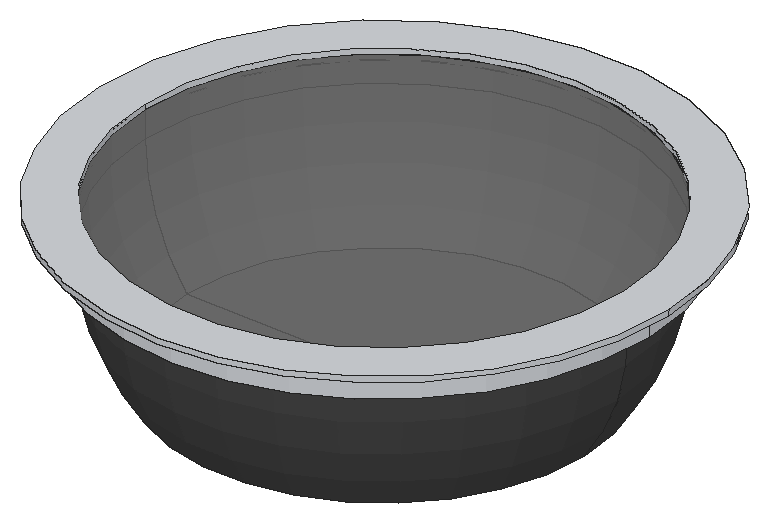
Revit family "3031820 Lighting Fixture_Sylvania_Syl-Lighter II_Ceiling Recessed", category Lighting Fixtures, host Face, Revit 2017
Family settings
  Host = Face
  Round Connector Dimension = Use Diameter
  Part Type = Normal
  OmniClass Number = 23.80.70.11.17
  OmniClass Title = Specialized Lighting by Location or Use
  Cut with Voids When Loaded = No
  Light Source = Yes
  Shared = No
  Room Calculation Point = No
Parameters (values of type "Syl-Lighter LED II 220 RO 21W WW DALI")
  Weight = 0.60 kg
  Wattage = 18.847 W
  built-in parameter 1150110 = 1 (stored number, unit not read)
  Voltage Comments = "UNV (Universal Voltage; 220-240 Volt)"  # constant formula
  Voltage = 240 V  # constant formula
  URL = "http://www.sylvania-lighting.com"
  built-in parameter 1114217 = 1 (stored number, unit not read)
  Tilt Angle = -90.00°  # constant formula
  built-in parameter 1150109 = 1 (stored number, unit not read)
  built-in parameter 1150134 = (empty or 0)
  Ta Rating = "-10°C to +40°C"  # constant formula
  built-in parameter 1150113 = 1 (stored number, unit not read)
  Recessed Depth = Height  # 60.0 mm
  IP Rating = "IP44"  # constant formula
  IK Rating = "IK07"  # constant formula
  Energy Class = "A++, A+, A"  # constant formula
  Dimmable = "DALI"  # constant formula
  Catalog Number = "3031820 Syl-Lighter LED II 220 RO 21W WW DALI"
  Body Material = Metal_Sylvania_Syl-Lighter LED II_Silver
  Product Page URL = "http://www.sylvania-lighting.com/product/en-int/products/3031820"
  Product Family = "SYL-LIGHTER LED II"  # constant formula
  Photometry Comments = ""
  Photometric Web File = "3031820_Syl-LighterLEDII220RO21WWWDALI-187649.ies"
  built-in parameter 1150105 = 1031.7 (stored number, unit not read)
  Lumens = 1785 lm
  built-in parameter 1150115 = 1 (stored number, unit not read)
  built-in parameter 1150137 = (empty or 0)
  built-in parameter 1150139 = (empty or 0)
  Life = "50 000h"  # constant formula
  built-in parameter 1150112 = 1 (stored number, unit not read)
  built-in parameter 1150114 = 1 (stored number, unit not read)
  Lamp Comments = "Integrated LED"
  built-in parameter 1150132 = 2
  built-in parameter 1150102 = (empty or 0)
  built-in parameter 1150107 = 3000 (stored number, unit not read)
  built-in parameter 1150138 = (empty or 0)
  built-in parameter 1150106 = 10.317 (stored number, unit not read)
  Glow Wire Test = 650 °C  # constant formula
  Emit from Circle Diameter = Diffuser Diameter  # 185.0 mm
  Emit Shape Visible in Rendering = no
  built-in parameter 1150104 = 8.7988 (stored number, unit not read)
  Drive Current = "450mA"
  Dimming Lamp Color Temperature Shift = <None>
  Diffuser Radius = Diffuser Diameter / 2  # 92.5 mm
  Diffuser Diameter = Diameter - 20.0 mm  # 185.0 mm
  Inner Diameter = Diameter - 4.0 mm  # 201.0 mm
  Cutout Diameter = Diameter  # 205.0 mm
  Color Filter = 16777215
  Beam Angle = 74.00°
  built-in parameter 1114218 = 1 (stored number, unit not read)
  built-in parameter 1150133 = 10 (stored number, unit not read)
  Height = 60.0 mm
  Electrical Protection = "CLASS II"  # constant formula
  built-in parameter 1114216 [instance] = 1 (stored number, unit not read)
  Model = "Syl-Lighter LED II 220 RO 21W WW DALI"
  Manufacturer = "HFeilo Sylvania"  # constant formula
  Lamp = "LED"
  Diffuser Material = Polycarbonate_Sylvania_Syl-Lighter LED II_Opal
  Description = "Syl-Lighter LED II is available in 4 different round body sizes: 165mm, 195mm, 220mm & 240mm Syl-Lighter LED II 165 12W delivers a 1,134 lumen output (4,000K) - perfect for 1x26W CFL replacement Syl-Lighter LED II 195 15W delivers a 1,480 lumen output (4,000K) - perfect for 1x32W/2x18W CFL replacement Syl-Lighter LED II 220 21W delivers a 1,989 lumen output (4,000K) - perfect for 1x42W CFL replacement Syl-Lighter LED II 240 25W delivers a 2,289 lumen output (4,000K)- perfect for 2x26W CFL replacement High efficacy up to 99lm/W (Syl-Lighter LED II 195 4,000K) IP44 rating allows for installation in applicable wet zone areas Choice of 3,000K (warm white) or 4,000K (neutral white) Shallow recess depth of <65mm Can replace existing large CFL downlights using a 225mm ceiling cut out (Syl-Lighter LED II 240) Energy efficient electronic gear including analogue 1-10V and DALI dimmable options IK07 polycarbonate diffuser allows for a wider light distribution than a reflector downlight, allowing for increased spacings between luminaires 3 hour emergency pack available (to be ordered in addition to the luminaire) Ideal for applications such as corridors, public WCs and back of house areas Quick and easy to install Loop in-Loop out facility with red push fit terminal block for quick wiring White bezel (RAL 9003) Energy Class: A++, A+, A Long lifetime: 50,000 hours life at L70 (L80: 30,000 hours, L90: 15,000 hours)"  # constant formula
  Default Elevation = 0.0 mm
  built-in parameter 1140040 [instance] = 1
  Assembly Code = "D5020200"
  Apparent Load Comments = ""
  Apparent Load = 21 VA
  Accessory Radius = Accessory Diameter / 2  # 110.0 mm
  Accessory Material = Aluminum_Sylvania_Syl-Lighter LED II_White_RAL 9003
  Diameter = 205.0 mm
  Accessory Diameter = 220.0 mm
Reference planes
  plane 1 "Center (Front/Back)": y = 0
  plane 2: z = 0
  plane 3 "Center (Left/Right)": x = 0
  plane 4 "Fixture Bottom": z = 2
  plane 5: z = -10
  plane 6 "Fixture Top": z = -60
  plane 7: z = -2
Forms (mm)
  Extrusion 1, void
    sketch origin (0, 0, 58) x (-1, 0, 0) y (0, -1, 0)
      loop
        circle (0, 0) r 102.5
    from -171 to -55
  Extrusion 2, solid, detail levels fine
    sketch origin (0, 0, 58) x (-1, 0, 0) y (0, -1, 0)
      loop
        circle (0, 0) r 102.5
      loop
        circle (0, 0) r 100.5
    from -68 to -58
  Extrusion 3, solid, detail levels fine
    sketch origin (0, 0, 58) x (-1, 0, 0) y (0, -1, 0)
      loop
        circle (0, 0) r 110
      loop
        circle (0, 0) r 92.5
    from -58 to -56
  Extrusion 4, solid, material "Polycarbonate_Sylvania_Syl-Lighter LED II_Opal" <- "Diffuser Material", detail levels fine
    sketch origin (0, 0, 58) x (-1, 0, 0) y (0, -1, 0)
      loop
        circle (0, 0) r 92.5
    from -60 to -58
  Revolve 5, solid, material "Metal_Sylvania_Syl-Lighter LED II_Silver" <- "Body Material", detail levels fine
    sketch origin (0, 0, 0) x (1, 0, 0) y (0, 0, 1)
      loop
        line (-92.5, 0) -> (-94.5, 0) -> (-94.5, -10)
        arc (-94.5, -10) -> (-90.134, -36.405) -> (-77.5, -60) r 82.029
        line (-77.5, -60) -> (0, -60) -> (0, -58) -> (-76.507, -58)
        arc (-76.507, -58) -> (-88.397, -35.297) -> (-92.5, -10) r 80.029
        line (-92.5, -10) -> (-92.5, 0)
      axis (0, -60) -> (0, 0)
    angle from 0 to 360
  Revolve 6, solid, material "Aluminum_Sylvania_Syl-Lighter LED II_White_RAL 9003" <- "Accessory Material", detail levels coarse+medium
    sketch origin (0, 0, 0) x (1, 0, 0) y (0, 0, 1)
      loop
        line (-110, 2) -> (-110, 0) -> (-102.5, 0) -> (-102.5, -10) -> (-94.5, -10)
        arc (-94.5, -10) -> (-90.134, -36.405) -> (-77.5, -60) r 82.029
        line (-77.5, -60) -> (0, -60) -> (0, 2) -> (-110, 2)
      axis (0, 2) -> (0, -60)
    angle from 0 to 360
Cuts and joins
  joined: Extrusion 2, Extrusion 3
Lines and regions (mm)
  Masking region 1
    outline origin (0, 0, 58) x (-1, 0, 0) y (0, -1, 0)
      loop
        circle (0, 0) r 110
  symbolic lines, detail levels fine
    curve 1: arc (-92.5, 0, 58) -> (0, 92.5, 58) -> (92.5, 0, 58) r 92.5
    curve 2: arc (92.5, 0, 58) -> (0, -92.5, 58) -> (-92.5, 0, 58) r 92.5
Dimensions and locks
  locked: plane 4 "Fixture Bottom" to plane 2 at 2
  locked: plane 2 to plane 5 at 10
  "Height": plane 2 to plane 6 "Fixture Top"
  locked: plane 2 to plane 7 at 2
  "Diffuser Radius": plane 3 "Center (Left/Right)" to Revolve 5 sketch curve
  locked: Revolve 5 sketch curve to Revolve 5 sketch curve at 2
  locked: Revolve 5 sketch curve to Revolve 5 sketch curve at 15
  "Accessory Radius": plane 3 "Center (Left/Right)" to Revolve 6 sketch curve
  Revolve 6 sketch curve to Revolve 6 sketch curve to Revolve 6 sketch curve to Revolve 6 sketch curve = 7.5 mm locked, 8.0 mm locked, 17.0 mm locked
  "Cutout Diameter": diameter of Extrusion 1 sketch curve
  "Diameter": diameter of Extrusion 2 sketch curve
  "Inner Diameter": diameter of Extrusion 2 sketch curve
  "Accessory Diameter": diameter of Extrusion 3 sketch curve
  "Diffuser Diameter": diameter of Extrusion 3 sketch curve
  "Diffuser Diameter": diameter of Extrusion 4 sketch curve
  "Accessory Diameter": diameter of Masking region 1 sketch curve
  aligned and locked: host face to plane 2
  aligned and locked: host face to level
  aligned and locked: plane 4 "Fixture Bottom" to Extrusion 3
  aligned and locked: Extrusion 3 to plane 2
  aligned and locked: Extrusion 2 to plane 5
  aligned and locked: plane 2 to Extrusion 2
  aligned and locked: Extrusion 4 to plane 7
  aligned and locked: plane 2 to Extrusion 4
  aligned and locked: Revolve 5 sketch curve to plane 2
  aligned and locked: plane 5 to Revolve 5 sketch curve  (x2)
  aligned and locked: Revolve 5 sketch curve to plane 3 "Center (Left/Right)"
  aligned and locked: plane 3 "Center (Left/Right)" to Revolve 5 sketch curve
  aligned and locked: Revolve 6 sketch curve to plane 5
  aligned and locked: Revolve 6 sketch curve to plane 2
  aligned and locked: Revolve 6 sketch curve to plane 4 "Fixture Bottom"
  aligned and locked: plane 3 "Center (Left/Right)" to Revolve 6 sketch curve
  aligned and locked: Revolve 6 sketch curve to plane 3 "Center (Left/Right)"
  aligned and locked: plane 3 "Center (Left/Right)" to imposter light
  aligned and locked: imposter light to plane 1 "Center (Front/Back)"
  aligned and locked: imposter light to plane 4 "Fixture Bottom"
  aligned and locked: curve 1 to cut or joined group of Extrusion 2, Extrusion 3
Automatic sketch dimensions
  host sketch curve to host sketch curve = 700.0 mm
  host sketch curve to host sketch curve = 620.0 mm
  plane 1 "Center (Front/Back)" to Extrusion 1 sketch curve = 0.0 mm
  Extrusion 1 sketch curve to plane 3 "Center (Left/Right)" = 0.0 mm
  Extrusion 2 sketch curve to Extrusion 2 sketch curve = 0.0 mm  (x2)
  plane 1 "Center (Front/Back)" to Extrusion 2 sketch curve = 0.0 mm
  Extrusion 2 sketch curve to plane 3 "Center (Left/Right)" = 0.0 mm
  Extrusion 3 sketch curve to Extrusion 3 sketch curve = 0.0 mm  (x2)
  plane 1 "Center (Front/Back)" to Extrusion 3 sketch curve = 0.0 mm
  Extrusion 3 sketch curve to plane 3 "Center (Left/Right)" = 0.0 mm
  plane 1 "Center (Front/Back)" to Extrusion 4 sketch curve = 0.0 mm
  Extrusion 4 sketch curve to plane 3 "Center (Left/Right)" = 0.0 mm
  Revolve 5 sketch curve to Revolve 5 sketch curve = 0.0 mm
  Revolve 5 sketch curve to plane 6 "Fixture Top" = 0.0 mm
  plane 6 "Fixture Top" to Revolve 5 sketch curve = 2.0 mm
  Revolve 5 sketch curve to Revolve 5 sketch curve = 17.111 mm
  plane 4 "Fixture Bottom" to Revolve 5 sketch curve = 20.889 mm
  Revolve 6 sketch curve to plane 6 "Fixture Top" = 0.0 mm
  Revolve 6 sketch curve to plane 6 "Fixture Top" = 63.885 mm
  Revolve 6 sketch curve to Revolve 6 sketch curve = 84.115 mm
  plane 1 "Center (Front/Back)" to Masking region 1 sketch curve = 0.0 mm
  Masking region 1 sketch curve to plane 3 "Center (Left/Right)" = 0.0 mm
Connectors
  electrical at (0, 0, -60), driven by "Apparent Load", driven by "Voltage"
    settings: on Revolve 5, index 1, voltage 240 V, apparent load 0 VA, apparent load phase1 21 VA, apparent load phase2 0 VA, apparent load phase3 0 VA, power factor 1, load classification "Lighting", number of poles 1, system type 31, power factor state 1, is connector primary yes, connector utility no, sub classification motor no, connector description ""
